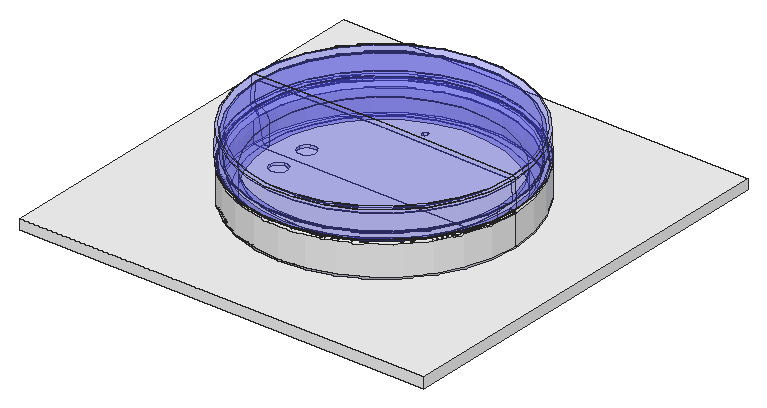
Revit family "BE_12127.1_de_DE", category Leuchten, Revit 2015
Parameters (values of type "BEGA_12127.1_K4")
  built-in parameter 1150104 = 12.757 (stored number, unit not read)
  Wattage = 14.2 W
  Default Elevation = 0 mm
  built-in parameter 1150113 = 1 (stored number, unit not read)
  built-in parameter 1114218 = 1 (stored number, unit not read)
  Umgebungstemperatur = "25 °C"
  URL = "http://www.bega.de/produkt/12127.1"
  Typenkommentare = "© 2017 BEGA. Wir behalten uns das Recht vor, technische Änderungen ohne vorherige Ankündigung vorzunehmen."  # constant formula
  built-in parameter 1150134 = 12
  built-in parameter 1150109 = 1 (stored number, unit not read)
  Strom = ""
  built-in parameter 1150110 = 1 (stored number, unit not read)
  Spannung = 239.996 V
  Sonderanfertigung = no
  Seriennummer [instance] = "Hier können Sie die eindeutige Seriennummer für das Facility Management eintragen."
  Schutzklasse = "I"
  Schutzart = "IP 65"
  Scheinlast = 0 VA
  Produktdatenblatt = "http://www.bega.de/download/Xrfa/db/12127.1.db.de.pdf"
  Oberflächentemperatur = ""
  Neigungswinkel = 0.00°
  Modell = "12127.1K4"
  Material_17 = BEGA_Reflektor
  Material_15 = BEGA_Leuchtmedium_matt
  Material_11 = BEGA_Glas_opal
  Material_09 = BEGA_Glas_klar
  Material_06 = BEGA_Oberfläche_Edelstahl_gebürstet
  Material_05 = BEGA_Oberfläche_Aluminium Guss
  Material_03 = BEGA_Oberfläche_Weiss_matt
  Material_02 = BEGA_Oberfläche_Silber_matt
  Material_01 [instance] = BEGA_Oberfläche_Grafit_matt
  M_W = no
  M_G = no
  M_A = no
  Logo = 0
  built-in parameter 1114217 = 1 (stored number, unit not read)
  built-in parameter 1150139 = (empty or 0)
  built-in parameter 1150105 = 155.17 (stored number, unit not read)
  built-in parameter 1150114 = 1 (stored number, unit not read)
  Lumens = 1949.94 lm
  built-in parameter 1150115 = 1 (stored number, unit not read)
  Leuchtenlichtstrom = "1267 lm"
  Leuchtenanzahl = ""
  Lebensdauerkriterien = "L70 = 50.000 h"
  Lastklassifizierung = Beleuchtung
  built-in parameter 1150112 = 1 (stored number, unit not read)
  Lampenlichtstrom = "1950 lm"
  Lampe = "LED 14.2 W"
  LED_Modulbezeichnung = "LED-0595/940"
  Hersteller = "BEGA"  # constant formula
  Halbstreuwinkel = ""
  Gewicht = "3.1 kg"
  Gebrauchslageneinschränkung [instance] = ""
  Frequenz = "0/50-60 Hz"
  Farbwiedergabeindex = "Ra > 90"
  Farbtemperaturverschiebung bei Dämpfen der Lampe = <Keine Auswahl>
  Farbtemperatur = "4000 K"
  Color Filter = 16777215
  built-in parameter 1150133 = 10 (stored number, unit not read)
  Energieeffizienzklasse = "LED A++ - A"
  built-in parameter 1150137 = (empty or 0)
  built-in parameter 1150132 = (empty or 0)
  ENEC = "ja"
  Dimmbar [instance] = "DALI"
  Datei für fotometrisches Netz = "BE_12127K4.IES"
  CE_Konformität = "ja"
  Bestellnummer = "12127.1K4"
  Beschreibung_Sonderanfertigung = "Hier können Sie Informationen zur Sonderanfertigung eintragen."
  Beschreibung = "Decken- und Wandleuchte"
  built-in parameter 1150106 = 1.5517 (stored number, unit not read)
  Befestigungsbohrung = "Ø 5,5 mm"
  Befestigungsabstand = "190 mm"
  Ballwurfsicher = ""
  BEGA_Intern_aus = yes
  BEGA_Intern_an = yes
  BEGA_Intern_Konstruktion = yes
  BEGA_Intern = yes
  BEGA_IES = yes
  BEGA_Dummy = no
  Anschlussleitung = ""
  Anschlussleistung [instance] = "16.1 W"
  Anschlusskasten = ""
  built-in parameter 1150107 = 4000 (stored number, unit not read)
  built-in parameter 1150102 = (empty or 0)
  built-in parameter 1150138 = (empty or 0)
  Aktualisierung = "2017-06-16T04:08:16"
  Abstand_zur_angestrahlten_Fläche [instance] = ""
  AC/DC = "AC/DC"
Types (2, lengths in mm): name | built-in parameter 1150104 | built-in parameter 1150134 | Modell | built-in parameter 1150105 | Lumens | Leuchtenlichtstrom | Lampenlichtstrom | LED_Modulbezeichnung | Farbtemperatur | Datei für fotometrisches Netz | Bestellnummer | built-in parameter 1150106 | built-in parameter 1150107
  BEGA_12127.1_K4 | 12.757 (stored number, unit not read) | 12 | "12127.1K4" | 155.17 (stored number, unit not read) | 1949.94 lm | "1267 lm" | "1950 lm" | "LED-0595/940" | "4000 K" | "BE_12127K4.IES" | "12127.1K4" | 1.5517 (stored number, unit not read) | 4000 (stored number, unit not read)
  BEGA_12127.1_K3 | 12.3 (stored number, unit not read) | (empty or 0) | "12127.1" | 149.61 (stored number, unit not read) | 1880.08 lm | "1222 lm" | "1880 lm" | "LED-0595/930" | "3000 K" | "BE_12127.IES" | "12127.1" | 1.4961 (stored number, unit not read) | 3000 (stored number, unit not read)
Reference planes
  plane 1 "Mitte (Vorne/Hinten)": y = 0
  plane 2: z = 0
  plane 3 "Mitte (Links/Rechts)": x = 0
  plane 4 "Links": x = -131.499
  plane 5 "Rechts": x = 131.499
  plane 6 "Unten": y = -131.5
  plane 7 "Oben": y = 131.5
  plane 8 "Vorne": z = 67.043
  plane 9 "Hinten": z = 0
Forms (mm)
  Extrusion 1, solid, material "BEGA_Platte_Weiss"
    sketch origin (0, -1119.2, 0) x (1, 0, 0) y (0, 1, 0)
      loop
        line (-200, 1319.2) -> (-200, 919.2) -> (200, 919.2) -> (200, 1319.2) -> (-200, 1319.2)
    from 0 to -10
  Extrusion 2, solid, material "BEGA_Dummy_matt", visible <- "BEGA_Dummy"
    sketch origin (77.149, -76.023, 0) x (1, 0, 0) y (0, 1, 0)
      loop
        circle (-77.149, 76.023) r 131.499
    from 0 to 67.043
Dimensions and locks
  plane 1 "Mitte (Vorne/Hinten)" to Extrusion 1 = 200 mm
  aligned and locked: plane 2 to Extrusion 1
  aligned and locked: level to Extrusion 1
Nested families
  nested 1: "BE_12127.1" at (0, 0, 0), type "BE_12127.1"
Connectors
  electrical at (0, 0, 0), driven by "Lastklassifizierung", driven by "Spannung", driven by "Scheinlast"
    settings: index 1, voltage 239.996 V, apparent load 0 VA, apparent load phase1 0 VA, apparent load phase2 0 VA, apparent load phase3 0 VA, power factor 1, load classification "Beleuchtung", number of poles 1, system type 31, power factor state 1, is connector primary yes, connector utility no, sub classification motor no, connector description ""
Definition of nested family "BE_12127.1"
  Parameters (values of type "BE_12127.1")
    Default Elevation = 1 mm
    URL = "http://www.bega.de/de/produkt"
    Type Comments = "© 2015 BEGA. Wir behalten uns das Recht vor, technische Änderungen ohne vorherige Ankündigung vorzunehmen. "  # constant formula
    Type Image = (empty or 0)
    Neigungswinkel_um_Z2 = 0.00°
    Neigungswinkel_um_Z1 = 0.00°
    Neigungswinkel_um_Y2 = 0.00°
    Neigungswinkel_um_Y1 = 0.00°
    Neigungswinkel_um_X2 = 0.00°
    Neigungswinkel_um_X1 = 0.00°
    Material_17 = none
    Material_15 = none
    Material_11 = none
    Material_09 = none
    Material_06 = none
    Material_05 = none
    Material_03 = none
    Material_02 = none
    Material_01 = none
    M_W = yes
    M_G = yes
    M_A = yes
    Länge_Platte = 350 mm  # constant formula
    Höhe_Platte = -10 mm  # constant formula
    Manufacturer = "BEGA"  # constant formula
    Drehwinkel_um_Z2 = 0.00°
    Drehwinkel_um_Z1 = 0.00°
    Breite_Platte = 350 mm  # constant formula
  Reference planes
    plane 1 "Mitte (Oben/Unten)": y = 0
    plane 2: z = 0
    plane 3 "Mitte (Links/Rechts)": x = 0
    plane 4: x = -131.499
    plane 5: z = 67.043
    plane 6: x = 131.499
    plane 7: y = -131.5
    plane 8: y = 131.5
  Forms (mm)
    Extrusion 1, solid, detail levels medium
      sketch origin (0, 0, 0) x (1, 0, 0) y (0, 1, 0)
        loop
          line (-175, 175) -> (-175, -175) -> (175, -175) -> (175, 175) -> (-175, 175)
      from 0 to -10 <- "Höhe_Platte"
    Revolve 2, solid, material <- "Material_03", detail levels medium+fine
      sketch origin (0, 0, 0) x (1, 0, 0) y (0, 0, 1)
        loop
          arc (-130.4, 3.5) -> (-129.814, 2.086) -> (-128.4, 1.5) r 2
          line (-128.4, 1.5) -> (0, 1.49) -> (0, 3.5) -> (-128.2, 3.5)
          arc (-128.2, 3.5) -> (-128.907, 3.793) -> (-129.2, 4.5) r 1
          line (-129.2, 4.5) -> (-129.2, 33.002) -> (-124.849, 28.651) -> (-124, 29.499) -> (-128.093, 33.592)
          arc (-128.093, 33.592) -> (-128.532, 33.886) -> (-129.05, 33.99) r 1.35
          arc (-129.05, 33.99) -> (-130.003, 33.596) -> (-130.4, 32.645) r 1.35
          line (-130.4, 32.645) -> (-130.4, 3.5)
        axis (0, 1.49) -> (0, 33.99)
      angle from 0 to 360
    Revolve 3, solid, material <- "Material_03", detail levels medium+fine
      sketch origin (0, 0, 0) x (-0.34202, 0.939693, 0) y (0, 0, 1)
        loop
          arc (-109.291, 0.446) -> (-108.537, 0.114) -> (-107.719, 0) r 3
          line (-107.719, 0) -> (-100, 0) -> (-100, 2.568) -> (-112.733, 2.568) -> (-109.291, 0.446)
        axis (-100, 0) -> (-100, 2.568)
      angle from 0 to 360
    Revolve 4, solid, material <- "Material_03", detail levels medium+fine
      sketch origin (0, 0, 0) x (0.34202, -0.939693, 0) y (0, 0, -1)
        loop
          line (-109.291, -0.446) -> (-112.733, -2.568) -> (-100, -2.568) -> (-100, 0) -> (-107.719, 0)
          arc (-107.719, 0) -> (-108.537, -0.114) -> (-109.291, -0.446) r 3
        axis (-100, 0) -> (-100, -2.568)
      angle from 0 to 360
    Extrusion 5, void
      sketch origin (0, 0, 0) x (1, 0, 0) y (0, 1, 0)
        loop
          circle (-90, -17.5) r 8.455
        loop
          circle (-90, 17.5) r 8.455
        loop
          circle (34.202, -93.969) r 2.75
        loop
          circle (-34.202, 93.969) r 2.75
      from 0 to 10
    Revolve 6, solid, material <- "Material_11", detail levels medium+fine
      sketch origin (0, 0, 0) x (1, 0, 0) y (0, 0, 1)
        loop
          line (-130.588, 63.111) -> (-131.499, 37.036)
          arc (-131.499, 37.036) -> (-130.952, 35.588) -> (-129.535, 34.964) r 2
          line (-129.535, 34.964) -> (-124.456, 34.876) -> (-118.5, 6.5) -> (-112.5, 6.5) -> (-112.5, 26.875)
          arc (-112.5, 26.875) -> (-115.966, 35.311) -> (-124.36, 38.875) r 12
          arc (-124.36, 38.875) -> (-126.497, 39.804) -> (-127.324, 41.983) r 3
          line (-127.324, 41.983) -> (-126.762, 58.054)
          arc (-126.762, 58.054) -> (-125.872, 60.084) -> (-123.83, 60.948) r 3
          arc (-123.83, 60.948) -> (-61.918, 62.105) -> (0, 62.842) r 9145.004
          line (0, 62.842) -> (0, 67.043)
          arc (0, 67.043) -> (-64.321, 66.269) -> (-128.635, 65.044) r 9149.205
          arc (-128.635, 65.044) -> (-129.995, 64.466) -> (-130.588, 63.111) r 2
        axis (0, 6.5) -> (0, 67.043)
      angle from 0 to 360
  Cuts and joins
    Extrusion 5 cuts Revolve 2
    Extrusion 5 cuts Revolve 3
    Extrusion 5 cuts Revolve 4
    joined: Revolve 2, Revolve 3, Revolve 4
  Dimensions and locks
    equal spacing: Extrusion 1 sketch curve, plane 3 "Mitte (Links/Rechts)", Extrusion 1 sketch curve
    equal spacing: Extrusion 1 sketch curve, plane 1 "Mitte (Oben/Unten)", Extrusion 1 sketch curve
    "Länge_Platte": Extrusion 1 sketch curve to Extrusion 1 sketch curve
    "Breite_Platte": Extrusion 1 sketch curve to Extrusion 1 sketch curve
    aligned and locked: plane 2 to Extrusion 1
    aligned and locked: level to Extrusion 1
  Automatic sketch dimensions
    Revolve 2 sketch curve to Revolve 2 sketch curve = 0 mm  (x8)
    Revolve 2 sketch curve to plane 3 "Mitte (Links/Rechts)" = 0 mm  (x2)
    level to Revolve 2 sketch curve = 29.499 mm
    level to Revolve 2 sketch curve = 28.651 mm
    Revolve 2 sketch curve to Revolve 2 sketch curve = 0.849 mm
    level to Revolve 2 sketch curve = 33.592 mm
    Revolve 2 sketch curve to Revolve 2 sketch curve = 4.093 mm
    level to Revolve 2 sketch curve = 4.5 mm
    Revolve 2 sketch curve to Revolve 2 sketch curve = 3.351 mm
    Revolve 2 sketch curve to Revolve 2 sketch curve = 0.2 mm
    Revolve 2 sketch curve to Revolve 2 sketch curve = 0.957 mm
    Revolve 2 sketch curve to Revolve 2 sketch curve = 0.15 mm  (x2)
    Revolve 2 sketch curve to Revolve 2 sketch curve = 1.2 mm
    level to Revolve 2 sketch curve = 1.49 mm
    Revolve 2 sketch curve to Revolve 2 sketch curve = 0.952 mm
    Revolve 2 sketch curve to Revolve 2 sketch curve = 0.005 mm
    Revolve 2 sketch curve to Revolve 2 sketch curve = 0.362 mm
    Revolve 2 sketch curve to Revolve 2 sketch curve = 0.01 mm  (x2)
    Revolve 2 sketch curve to Revolve 2 sketch curve = 1 mm
    Revolve 2 sketch curve to Revolve 2 sketch curve = 1.76 mm
    Revolve 6 sketch curve to Revolve 6 sketch curve = 0 mm  (x9)
    Revolve 6 sketch curve to plane 3 "Mitte (Links/Rechts)" = 0 mm  (x2)
    level to Revolve 6 sketch curve = 6.5 mm
    Revolve 6 sketch curve to Revolve 6 sketch curve = 6 mm
    Revolve 6 sketch curve to Revolve 6 sketch curve = 11.264 mm
    Revolve 6 sketch curve to Revolve 6 sketch curve = 0.561 mm
    level to Revolve 6 sketch curve = 34.876 mm
    Revolve 6 sketch curve to Revolve 6 sketch curve = 0.131 mm
    Revolve 6 sketch curve to Revolve 6 sketch curve = 0.044 mm
    level to Revolve 6 sketch curve = 41.983 mm
    Revolve 6 sketch curve to Revolve 6 sketch curve = 2.998 mm  (x2)
    Revolve 6 sketch curve to Revolve 6 sketch curve = 4.825 mm
    Revolve 6 sketch curve to Revolve 6 sketch curve = 5.044 mm
    Revolve 6 sketch curve to Revolve 6 sketch curve = 1.999 mm  (x2)
    level to Revolve 6 sketch curve = 37.036 mm
    plane 3 "Mitte (Links/Rechts)" to Revolve 6 sketch curve = 77.874 mm
    Revolve 6 sketch curve to level = 9081.831 mm
    Revolve 6 sketch curve to Revolve 6 sketch curve = 8 mm
    Revolve 6 sketch curve to Revolve 6 sketch curve = 0.072 mm
    Revolve 6 sketch curve to Revolve 6 sketch curve = 0.109 mm
    Revolve 6 sketch curve to Revolve 6 sketch curve = 16.075 mm
    level to Revolve 6 sketch curve = 62.842 mm
    Revolve 6 sketch curve to Revolve 6 sketch curve = 5.094 mm
    Revolve 6 sketch curve to Revolve 6 sketch curve = 0.068 mm
    Revolve 6 sketch curve to Revolve 6 sketch curve = 4.201 mm
    Revolve 6 sketch curve to Revolve 6 sketch curve = 0.065 mm
    Revolve 6 sketch curve to Revolve 6 sketch curve = 0.001 mm  (x2)
    Revolve 6 sketch curve to Revolve 6 sketch curve = 0.035 mm  (x2)
    Revolve 6 sketch curve to Revolve 6 sketch curve = 0.045 mm
    level to Revolve 6 sketch curve = 34.964 mm
    Revolve 6 sketch curve to Revolve 6 sketch curve = 0.105 mm
    Revolve 6 sketch curve to Revolve 6 sketch curve = 2.529 mm
    Revolve 6 sketch curve to Revolve 6 sketch curve = 0.706 mm
    Revolve 2 sketch curve to plane 4 = 7.499 mm
    Revolve 6 sketch curve to plane 4 = 18.999 mm
    Extrusion 5 sketch curve to plane 1 "Mitte (Oben/Unten)" = 17.5 mm
    Extrusion 5 sketch curve to plane 4 = 41.499 mm
    Extrusion 5 sketch curve to Extrusion 5 sketch curve = 0 mm
    Extrusion 5 sketch curve to plane 3 "Mitte (Links/Rechts)" = 34.202 mm
    plane 3 "Mitte (Links/Rechts)" to Extrusion 5 sketch curve = 34.202 mm
    plane 1 "Mitte (Oben/Unten)" to Extrusion 5 sketch curve = 17.5 mm
    Extrusion 5 sketch curve to plane 7 = 37.531 mm
    Extrusion 5 sketch curve to plane 8 = 37.531 mm
    level to Revolve 3 sketch curve = 2.568 mm
    level to Revolve 3 sketch curve = 3 mm
    Revolve 3 sketch curve to Revolve 3 sketch curve = 5.014 mm
    Revolve 3 sketch curve to Revolve 3 sketch curve = 7.719 mm
    Revolve 3 sketch curve to level = 0 mm
    level to Revolve 3 sketch curve = 0.446 mm  (x2)
    Revolve 3 sketch curve to Revolve 3 sketch curve = 0.002 mm
    Revolve 3 sketch curve to Revolve 3 sketch curve = 0 mm  (x3)
    level to Revolve 4 sketch curve = 2.568 mm
    level to Revolve 4 sketch curve = 3 mm
    Revolve 4 sketch curve to Revolve 4 sketch curve = 5.014 mm
    Revolve 4 sketch curve to Revolve 4 sketch curve = 7.719 mm
    Revolve 4 sketch curve to level = 0 mm
    level to Revolve 4 sketch curve = 0.446 mm  (x2)
    Revolve 4 sketch curve to Revolve 4 sketch curve = 0.002 mm
    Revolve 4 sketch curve to Revolve 4 sketch curve = 0 mm  (x3)
    radius of Extrusion 5 sketch curve = 8.455 mm  (x2)
    radius of Extrusion 5 sketch curve = 2.75 mm  (x2)
